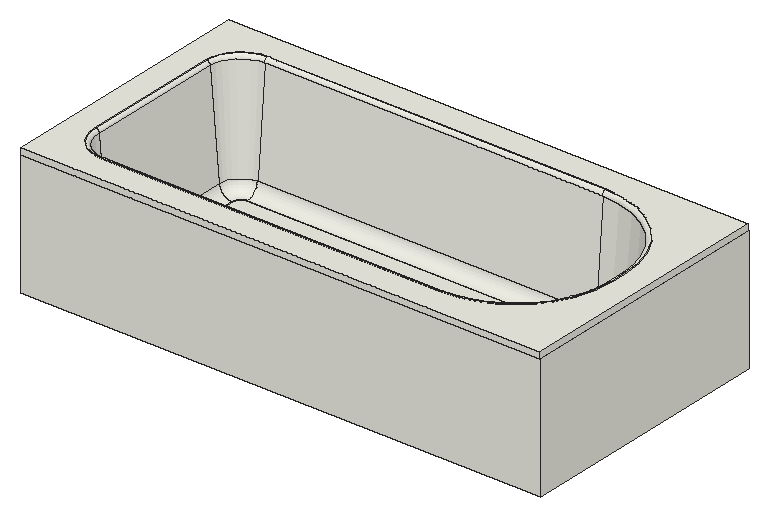
Revit family
Parameters (values of type "Tub-Rectangular-3D 2")
  Subcategory = "Fixtures"  # constant formula
  SmartBIM Object Version = 3  # constant formula
  SmartBIM Object Created By = "Reed Construction Data"  # constant formula
  Assembly Code = "D2010500"
  Depth = 2' - 6"
  Height = 1' - 3"
  Tub Material = Porcelain - Ivory
  Width = 5' - 0"
  95 CSI = "15400"  # constant formula
  04 CSI = "22 30 00"  # constant formula
Reference planes (in)
  plane 1: y = 0
  plane 2: y = 3
  plane 3: y = 33
  plane 4: x = -43.72453
  plane 5: x = 16.27547
  plane 6 "Center (Front/Back)": y = 18
  plane 7 "Center (Left/Right)": x = -13.72453
  plane 8: z = 15
  plane 9: z = 14.25
Forms (in)
  Sweep 1, solid, material "Porcelain - Ivory" <- "Tub Material"
    path origin (0, 0, 15) x (0, 1, 0) y (-1, 0, 0)
      loop
        line (30, -2.27547) -> (30, 36.72453)
        arc (30, 36.72453) -> (28.82843, 39.55295) -> (26, 40.72453) r 4
        line (26, 40.72453) -> (10, 40.72453)
        arc (10, 40.72453) -> (7.17157, 39.55295) -> (6, 36.72453) r 4
        line (6, 36.72453) -> (6, -2.27547)
        arc (6, -2.27547) -> (9.22183, -10.05365) -> (17, -13.27547) r 11
        line (17, -13.27547) -> (19, -13.27547)
        arc (19, -13.27547) -> (26.77817, -10.05365) -> (30, -2.27547) r 11
    profile origin (-17.22453, 0, 15) x (0, -1, 0) y (0, 0, 1)
      loop
        line (-30, 0) -> (-30, -14.33608) -> (-26.98411, -14.33608) -> (-26.98411, -13.58608)
        arc (-26.98411, -13.58608) -> (-27.9975, -13.192) -> (-28.47841, -12.21681) r 1.5
        line (-28.47841, -12.21681) -> (-29.50874, -0.44003)
        arc (-29.50874, -0.44003) -> (-29.67024, -0.12609) -> (-30, 0) r 0.49424
  Extrusion 2, solid, material "Porcelain - Ivory" <- "Tub Material"
    sketch origin (2.27547, 17, 0.66392) x (0, -1, 0) y (1, 0, 0)
      loop
        arc (-9.98411, -39) -> (-9.69587, -39.69587) -> (-9, -39.98411) r 0.98411
        line (-9, -39.98411) -> (7, -39.98411)
        arc (7, -39.98411) -> (7.69587, -39.69587) -> (7.98411, -39) r 0.98411
        line (7.98411, -39) -> (7.98411, 0)
        arc (7.98411, 0) -> (5.64562, 5.64562) -> (0, 7.98411) r 7.98411
        line (0, 7.98411) -> (-2, 7.98411)
        arc (-2, 7.98411) -> (-7.64562, 5.64562) -> (-9.98411, 0) r 7.98411
        line (-9.98411, 0) -> (-9.98411, -39)
      loop
        circle (-1, -38.04359) r 0.875
    from 0 to 0.75
  Extrusion 3, solid, material "Porcelain - Ivory" <- "Tub Material"
    sketch origin (0, 0, 0) x (1, 0, 0) y (0, 1, 0)
      loop
        line (-43.72453, 33) -> (-43.72453, 3) -> (16.27547, 3) -> (16.27547, 33) -> (-43.72453, 33)
      loop
        line (-42.97453, 32.25) -> (-42.97453, 3.75) -> (15.52547, 3.75) -> (15.52547, 32.25) -> (-42.97453, 32.25)
    from 0 to 14.25
  Extrusion 4, solid, material "Porcelain - Ivory" <- "Tub Material"
    sketch origin (0, 0, 15) x (0, 1, 0) y (-1, 0, 0)
      loop
        line (33, 43.72453) -> (3, 43.72453) -> (3, -16.27547) -> (33, -16.27547) -> (33, 43.72453)
      loop
        line (30, -2.27547) -> (30, 36.72453)
        arc (30, 36.72453) -> (28.82843, 39.55295) -> (26, 40.72453) r 4
        line (26, 40.72453) -> (10, 40.72453)
        arc (10, 40.72453) -> (7.17157, 39.55295) -> (6, 36.72453) r 4
        line (6, 36.72453) -> (6, -2.27547)
        arc (6, -2.27547) -> (9.22183, -10.05365) -> (17, -13.27547) r 11
        line (17, -13.27547) -> (19, -13.27547)
        arc (19, -13.27547) -> (26.77817, -10.05365) -> (30, -2.27547) r 11
    from 0 to -0.75
Lines and regions (in)
  symbolic lines
    curve 1: line (-43.72453, 33, 0) -> (16.27547, 33, 0)
    curve 2: line (-43.72453, 3, 0) -> (-43.72453, 33, 0)
    curve 3: line (16.27547, 3, 0) -> (-43.72453, 3, 0)
    curve 4: line (16.27547, 33, 0) -> (16.27547, 3, 0)
    curve 5: line (-36.72453, 6, 0) -> (2.27547, 6, 0)
    curve 6: line (-40.72453, 26, 0) -> (-40.72453, 10, 0)
    curve 7: line (2.27547, 30, 0) -> (-36.72453, 30, 0)
    curve 8: line (13.27547, 17, 0) -> (13.27547, 19, 0)
    curve 9: arc (-36.72453, 30, 0) -> (-39.55295, 28.82843, 0) -> (-40.72453, 26, 0) r 4
    curve 10: arc (-40.72453, 10, 0) -> (-39.55295, 7.17157, 0) -> (-36.72453, 6, 0) r 4
    curve 11: arc (2.27547, 30, 0) -> (10.05365, 26.77817, 0) -> (13.27547, 19, 0) r 11
    curve 12: arc (13.27547, 17, 0) -> (10.05365, 9.22183, 0) -> (2.27547, 6, 0) r 11
    curve 13: arc (-35.76812, 18.875, 0) -> (-34.89312, 18, 0) -> (-35.76812, 17.125, 0) r 0.875
    curve 14: arc (-35.76812, 17.125, 0) -> (-36.64312, 18, 0) -> (-35.76812, 18.875, 0) r 0.875
Text (in)
  text "Interior" at (0, 38.42453, 28.83819), in view "Right"
  text "Interior" at (0, 25.55551, 30.13204), in view "Left"
Dimensions and locks (in)
  equal spacing: plane 4, plane 7 "Center (Left/Right)", plane 5
  "Width": plane 4 to plane 5
  equal spacing: plane 2, plane 6 "Center (Front/Back)", plane 3
  "Depth": plane 2 to plane 3
  "Height": host wall to plane 8
  locked: plane 9 to plane 8 at 0.75
  aligned and locked: plane 2 to host wall
  aligned and locked: Sweep 1 sketch curve to Extrusion 4  (x2)
  aligned and locked: Extrusion 2 sketch curve to Sweep 1  (x2)
  aligned and locked: Sweep 1 to Extrusion 4
  aligned and locked: Extrusion 3 to plane 9
Automatic sketch dimensions
  Sweep 1 sketch curve to plane 8 = 0' - 0"
  Sweep 1 sketch curve to profile plane = 0' - 0"
  plane 8 to Sweep 1 sketch curve = 0' - 0.44003"
  Sweep 1 sketch curve to profile plane = 0' - 0.49126"
  Sweep 1 sketch curve to profile plane = 0' - 1.52159"
  Sweep 1 sketch curve to Sweep 1 sketch curve = 0' - 1.49429"
  Sweep 1 sketch curve to Sweep 1 sketch curve = 0' - 11.64605"
  Sweep 1 sketch curve to Sweep 1 sketch curve = 0' - 0.13073"
  Sweep 1 sketch curve to Sweep 1 sketch curve = 0' - 0 3/4"
  Extrusion 3 sketch curve to plane 3 = 0' - 0"
  Extrusion 3 sketch curve to plane 4 = 0' - 0"
  Extrusion 3 sketch curve to plane 2 = 0' - 0"
  Extrusion 3 sketch curve to plane 5 = 0' - 0"
  plane 4 to Extrusion 3 sketch curve = 0' - 0 3/4"
  Extrusion 3 sketch curve to Extrusion 3 sketch curve = 0' - 0 3/4"
  Extrusion 3 sketch curve to plane 2 = 0' - 0 3/4"
  plane 3 to Extrusion 3 sketch curve = 0' - 0 3/4"
  Extrusion 4 sketch curve to plane 2 = 0' - 0"
  Extrusion 4 sketch curve to plane 3 = 0' - 0"
  Extrusion 4 sketch curve to plane 2 = 0' - 3"
  plane 4 to Extrusion 4 sketch curve = 0' - 3"
  Extrusion 4 sketch curve to Extrusion 4 sketch curve = 0' - 4"
  plane 6 "Center (Front/Back)" to Extrusion 4 sketch curve = 0' - 1"
  Extrusion 4 sketch curve to plane 6 "Center (Front/Back)" = 0' - 1"
  Extrusion 4 sketch curve to Extrusion 4 sketch curve = 0' - 7"
  plane 3 to Extrusion 4 sketch curve = 0' - 3"
  Extrusion 4 sketch curve to plane 5 = 0' - 0"
  Extrusion 4 sketch curve to plane 4 = 0' - 0"
  Extrusion 4 sketch curve to plane 5 = 0' - 3"
  Sweep 1 sketch curve to Sweep 1 sketch curve = 0' - 4"
  plane 6 "Center (Front/Back)" to Sweep 1 sketch curve = 0' - 1"
  Sweep 1 sketch curve to plane 6 "Center (Front/Back)" = 0' - 1"
  plane 3 to Sweep 1 sketch curve = 0' - 7"
  plane 3 to Sweep 1 sketch curve = 0' - 3"
  plane 4 to Sweep 1 sketch curve = 0' - 7"
  Extrusion 2 sketch curve to plane 6 "Center (Front/Back)" = 0' - 0"
  Extrusion 2 sketch curve to Extrusion 2 sketch curve = 0' - 0 7/8"
  Extrusion 2 sketch curve to plane 6 "Center (Front/Back)" = 0' - 1"
  plane 3 to Extrusion 2 sketch curve = 0' - 7"
  plane 3 to Extrusion 2 sketch curve = 0' - 6.01589"
  plane 6 "Center (Front/Back)" to Extrusion 2 sketch curve = 0' - 1"
  Extrusion 2 sketch curve to Extrusion 2 sketch curve = 0' - 0.98411"
  plane 4 to Extrusion 2 sketch curve = 0' - 7.95641"
  plane 4 to Extrusion 2 sketch curve = 0' - 7"
  curve 3 to host wall = 0' - 0"
  curve 3 to plane 4 = 0' - 0"
  curve 14 to plane 6 "Center (Front/Back)" = 0' - 0"
  curve 4 to plane 3 = 0' - 0"
  curve 4 to plane 5 = 0' - 0"
  plane 4 to curve 6 = 0' - 3"
  host wall to curve 5 = 0' - 3"
  curve 6 to curve 5 = 0' - 4"
  plane 3 to curve 9 = 0' - 3"
  curve 9 to curve 9 = 0' - 4"
  plane 6 "Center (Front/Back)" to curve 14 = 0' - 0 7/8"
  curve 10 to curve 14 = 0' - 0.95641"
  curve 7 to plane 5 = 1' - 2"
  curve 5 to curve 11 = 0' - 0"
  plane 6 "Center (Front/Back)" to curve 12 = 0' - 1"
Connectors (in)
  piping at (-35.76812, 18, 0.66392)
    settings: on Extrusion 2, index 1
  piping at (-43.72453, 26, 20.25)
    settings: on Extrusion 3, index 2
  piping at (-43.72453, 10, 20.25)
    settings: on Extrusion 3, index 3
